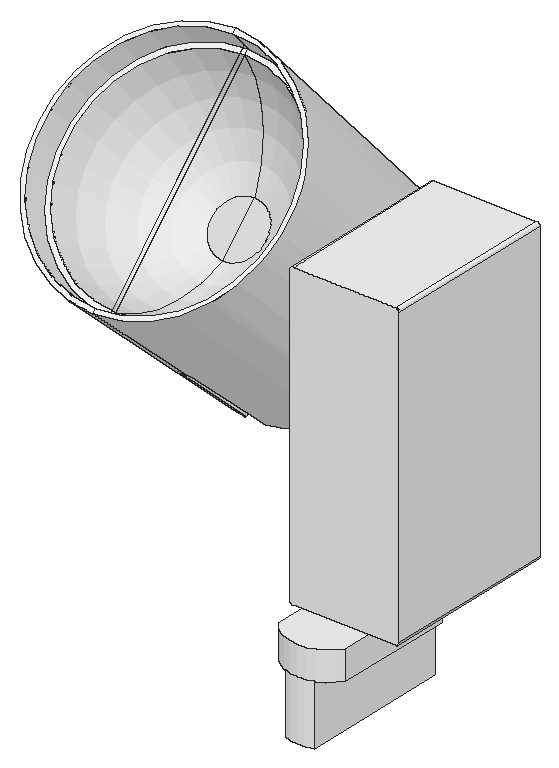
Revit family "0004866 Feilo Sylvania Lighting Fixture START TRACK SPOT L 35W 3K RA90 MB WHITE", category Lighting Fixtures, host Face, Revit 2017 (continued)
Definition of nested family "Start Track Spot Head"
  Types (96, lengths in mm): name | Wattage | built-in parameter 1150134 | Photometric Web File | Model | built-in parameter 1150105 | Lumens | built-in parameter 1150107 | built-in parameter 1150106 | HeadThickness_FEILO | HeadRibOffset_FEILO | HeadRibDepth_FEILO | HeadRibCutWidth_FEILO | HeadRibCutOffset_FEILO | HeadReflectorRadius_FEILO | HeadReflectorOffset_FEILO | HeadLEDRadius_FEILO | HeadHeight_FEILO | HeadDiffusorOffset_FEILO | HeadDiaOut_FEILO | HeadDiaIn_FEILO | HeadAxisFromTop_FEILO | Emit from Circle Diameter | built-in parameter 1150104 | Description | Apparent Load
    0004864 START TRACK SPOT S 24W 3K RA90 WB WHITE | 24 W | (empty or 0) | "0004864.ies" | "START TRACK SPOT S 24W 3K RA90 WB WHITE" | 152.79 (stored number, unit not read) | 1920 lm | 3000 (stored number, unit not read) | 1.5279 (stored number, unit not read) | 1.5 | 4.179 | 55.714 | 7.167 | 50.87 | 50.588 | 55.714 | 9.556 | 117 | 9.435 | 86 | 77.477 | 69.354 | 77.477 | 7.4322 (stored number, unit not read) | "Integrated LED spotlight, Textured White - RAL9016, compact and minimalist design, ideal for retail applications, die-cast aluminium body, passive cooling heatsink. Beam angle: 64°, color temperature: 3000K , total system power: 24W, total fixture output: 1928 lm, LOR: 100%, colour rendering: Ra: 90 typical, LED Chromaticity: 3 step MacAdam ellipse, lifetime: >50000 hours at L70B50, energy class: A++, A+, A, IR/UV free light source without heat radiation, operating voltage: 220-240V / 50-60Hz, drive current: 600mA, electronic driver, non-dimmable, power factor: 0.95, electrical protection: Class II, Global Track 3 Phase adapter suitable for Global trac 3-circuit tracks, ingress protection rating: IP20, suitable for internal environment only, horizontal rotation: 355°, vertical tilt: 90°, dimensions: Ø86x140x200, weight: 0.966kg." | 24 VA
    0004863 START TRACK SPOT S 24W 3K RA90 MB WHITE | 24 W | (empty or 0) | "0004863.ies" | "START TRACK SPOT S 24W 3K RA90 MB WHITE" | 154.7 (stored number, unit not read) | 1944 lm | 3000 (stored number, unit not read) | 1.547 (stored number, unit not read) | 1.5 | 4.179 | 55.714 | 7.167 | 50.87 | 50.588 | 55.714 | 9.556 | 117 | 9.435 | 86 | 77.477 | 69.354 | 77.477 | 7.5251 (stored number, unit not read) | "Integrated LED spotlight, Textured White - RAL9016, compact and minimalist design, ideal for retail applications, die-cast aluminium body, passive cooling heatsink. Beam angle: 36°, color temperature: 3000K , total system power: 24W, total fixture output: 1944 lm, LOR: 100%, colour rendering: Ra: 90 typical, LED Chromaticity: 3 step MacAdam ellipse, lifetime: >50000 hours at L70B50, energy class: A++, A+, A, IR/UV free light source without heat radiation, operating voltage: 220-240V / 50-60Hz, drive current: 600mA, electronic driver, non-dimmable, power factor: 0.95, electrical protection: Class II, Global Track 3 Phase adapter suitable for Global trac 3-circuit tracks, ingress protection rating: IP20, suitable for internal environment only, horizontal rotation: 355°, vertical tilt: 90°, dimensions: Ø86x140x200, weight: 0.966kg." | 24 VA
    0004862 START TRACK SPOT S 24W 3K RA90 NB WHITE | 24 W | (empty or 0) | "0004862.ies" | "START TRACK SPOT S 24W 3K RA90 NB WHITE" | 158.52 (stored number, unit not read) | 1992 lm | 3000 (stored number, unit not read) | 1.5852 (stored number, unit not read) | 1.5 | 4.179 | 55.714 | 7.167 | 50.87 | 50.588 | 55.714 | 9.556 | 117 | 9.435 | 86 | 77.477 | 69.354 | 77.477 | 7.711 (stored number, unit not read) | "Integrated LED spotlight, Textured White - RAL9016, compact and minimalist design, ideal for retail applications, die-cast aluminium body, passive cooling heatsink. Beam angle: 12°, color temperature: 3000K , total system power: 24W, total fixture output: 1987 lm, LOR: 100%, colour rendering: Ra: 90 typical, LED Chromaticity: 3 step MacAdam ellipse, lifetime: >50000 hours at L70B50, energy class: A++, A+, A, IR/UV free light source without heat radiation, operating voltage: 220-240V / 50-60Hz, drive current: 600mA, electronic driver, non-dimmable, power factor: 0.95, electrical protection: Class II, Global Track 3 Phase adapter suitable for Global trac 3-circuit tracks, ingress protection rating: IP20, suitable for internal environment only, horizontal rotation: 355°, vertical tilt: 90°, dimensions: Ø86x140x200, weight: 0.966kg." | 24 VA
    0004861 START TRACK SPOT S 14W 3K RA90 WB WHITE | 14 W | (empty or 0) | "0004861.ies" | "START TRACK SPOT S 14W 3K RA90 WB WHITE" | 100.27 (stored number, unit not read) | 1260 lm | 3000 (stored number, unit not read) | 1.0027 (stored number, unit not read) | 1.5 | 4.179 | 55.714 | 7.167 | 50.87 | 50.588 | 55.714 | 9.556 | 117 | 9.435 | 86 | 77.477 | 69.354 | 77.477 | 8.3613 (stored number, unit not read) | "Integrated LED spotlight, Textured White - RAL9016, compact and minimalist design, ideal for retail applications, die-cast aluminium body, passive cooling heatsink. Beam angle: 64°, color temperature: 3000K , total system power: 14W, total fixture output: 1262 lm, LOR: 100%, colour rendering: Ra: 90 typical, LED Chromaticity: 3 step MacAdam ellipse, lifetime: >50000 hours at L70B50, energy class: A++, A+, A, IR/UV free light source without heat radiation, operating voltage: 220-240V / 50-60Hz, drive current: 350mA, electronic driver, non-dimmable, power factor: 0.92, electrical protection: Class II, Global Track 3 Phase adapter suitable for Global trac 3-circuit tracks, ingress protection rating: IP20, suitable for internal environment only, horizontal rotation: 355°, vertical tilt: 90°, dimensions: Ø86x140x200, weight: 0.940kg." | 14 VA
    0004860 START TRACK SPOT S 14W 3K RA90 MB WHITE | 14 W | (empty or 0) | "0004860.ies" | "START TRACK SPOT S 14W 3K RA90 MB WHITE" | 100.27 (stored number, unit not read) | 1260 lm | 3000 (stored number, unit not read) | 1.0027 (stored number, unit not read) | 1.5 | 4.179 | 55.714 | 7.167 | 50.87 | 50.588 | 55.714 | 9.556 | 117 | 9.435 | 86 | 77.477 | 69.354 | 77.477 | 8.3613 (stored number, unit not read) | "Integrated LED spotlight, Textured White - RAL9016, compact and minimalist design, ideal for retail applications, die-cast aluminium body, passive cooling heatsink. Beam angle: 36°, color temperature: 3000K , total system power: 14W, total fixture output: 1262 lm, LOR: 100%, colour rendering: Ra: 90 typical, LED Chromaticity: 3 step MacAdam ellipse, lifetime: >50000 hours at L70B50, energy class: A++, A+, A, IR/UV free light source without heat radiation, operating voltage: 220-240V / 50-60Hz, drive current: 350mA, electronic driver, non-dimmable, power factor: 0.92, electrical protection: Class II, Global Track 3 Phase adapter suitable for Global trac 3-circuit tracks, ingress protection rating: IP20, suitable for internal environment only, horizontal rotation: 355°, vertical tilt: 90°, dimensions: Ø86x140x200, weight: 0.940kg." | 14 VA
    0004859 START TRACK SPOT S 14W 3K RA90 NB WHITE | 14 W | (empty or 0) | "0004859.ies" | "START TRACK SPOT S 14W 3K RA90 NB WHITE" | 102.5 (stored number, unit not read) | 1288 lm | 3000 (stored number, unit not read) | 1.025 (stored number, unit not read) | 1.5 | 4.179 | 55.714 | 7.167 | 50.87 | 50.588 | 55.714 | 9.556 | 117 | 9.435 | 86 | 77.477 | 69.354 | 77.477 | 8.5471 (stored number, unit not read) | "Integrated LED spotlight, Textured White - RAL9016, compact and minimalist design, ideal for retail applications, die-cast aluminium body, passive cooling heatsink. Beam angle: 12°, color temperature: 3000K , total system power: 14W, total fixture output: 1284 lm, LOR: 100%, colour rendering: Ra: 90 typical, LED Chromaticity: 3 step MacAdam ellipse, lifetime: >50000 hours at L70B50, energy class: A++, A+, A, IR/UV free light source without heat radiation, operating voltage: 220-240V / 50-60Hz, drive current: 350mA, electronic driver, non-dimmable, power factor: 0.92, electrical protection: Class II, Global Track 3 Phase adapter suitable for Global trac 3-circuit tracks, ingress protection rating: IP20, suitable for internal environment only, horizontal rotation: 355°, vertical tilt: 90°, dimensions: Ø86x140x200, weight: 0.940kg." | 14 VA
    0004858 START TRACK SPOT L 55W 4K RA80 WB BLACK | 55 W | 12 | "0004858.ies" | "START TRACK SPOT L 55W 4K RA80 WB BLACK" | 424.55 (stored number, unit not read) | 5335 lm | 4000 (stored number, unit not read) | 4.2455 (stored number, unit not read) | 2 | 4.429 | 59.048 | 9.417 | 53.913 | 66.471 | 59.048 | 12.556 | 124 | 10 | 113 | 101.802 | 73.503 | 101.802 | 9.0116 (stored number, unit not read) | "Integrated LED spotlight, Textured Black - RAL9005, compact and minimalist design, ideal for retail applications, die-cast aluminium body, passive cooling heatsink. Beam angle: 52°, color temperature: 4000K , total system power: 55W, total fixture output: 5320 lm, LOR: 100%, colour rendering: Ra: 80 typical, LED Chromaticity: 3 step MacAdam ellipse, lifetime: >50000 hours at L70B50, energy class: A++, A+, A, IR/UV free light source without heat radiation, operating voltage: 220-240V / 50-60Hz, drive current: 1400mA, electronic driver, non-dimmable, power factor: 0.96, electrical protection: Class II, Global Track 3 Phase adapter suitable for Global trac 3-circuit tracks, ingress protection rating: IP20, suitable for internal environment only, horizontal rotation: 355°, vertical tilt: 90°, dimensions: Ø113x164x240, weight: 1.398kg." | 55 VA
    0004857 START TRACK SPOT L 55W 4K RA80 MB BLACK | 55 W | 12 | "0004857.ies" | "START TRACK SPOT L 55W 4K RA80 MB BLACK" | 428.92 (stored number, unit not read) | 5390 lm | 4000 (stored number, unit not read) | 4.2892 (stored number, unit not read) | 2 | 4.429 | 59.048 | 9.417 | 53.913 | 66.471 | 59.048 | 12.556 | 124 | 10 | 113 | 101.802 | 73.503 | 101.802 | 9.1045 (stored number, unit not read) | "Integrated LED spotlight, Textured Black - RAL9005, compact and minimalist design, ideal for retail applications, die-cast aluminium body, passive cooling heatsink. Beam angle: 38°, color temperature: 4000K , total system power: 55W, total fixture output: 5378 lm, LOR: 100%, colour rendering: Ra: 80 typical, LED Chromaticity: 3 step MacAdam ellipse, lifetime: >50000 hours at L70B50, energy class: A++, A+, A, IR/UV free light source without heat radiation, operating voltage: 220-240V / 50-60Hz, drive current: 1400mA, electronic driver, non-dimmable, power factor: 0.96, electrical protection: Class II, Global Track 3 Phase adapter suitable for Global trac 3-circuit tracks, ingress protection rating: IP20, suitable for internal environment only, horizontal rotation: 355°, vertical tilt: 90°, dimensions: Ø113x164x240, weight: 1.398kg." | 55 VA
    0004856 START TRACK SPOT L 55W 4K RA80 NB BLACK | 55 W | 12 | "0004856.ies" | "START TRACK SPOT L 55W 4K RA80 NB BLACK" | 433.3 (stored number, unit not read) | 5445 lm | 4000 (stored number, unit not read) | 4.333 (stored number, unit not read) | 2 | 4.429 | 59.048 | 9.417 | 53.913 | 66.471 | 59.048 | 12.556 | 124 | 10 | 113 | 101.802 | 73.503 | 101.802 | 9.1974 (stored number, unit not read) | "Integrated LED spotlight, Textured Black - RAL9005, compact and minimalist design, ideal for retail applications, die-cast aluminium body, passive cooling heatsink. Beam angle: 15°, color temperature: 4000K , total system power: 55W, total fixture output: 5426 lm, LOR: 100%, colour rendering: Ra: 80 typical, LED Chromaticity: 3 step MacAdam ellipse, lifetime: >50000 hours at L70B50, energy class: A++, A+, A, IR/UV free light source without heat radiation, operating voltage: 220-240V / 50-60Hz, drive current: 1400mA, electronic driver, non-dimmable, power factor: 0.96, electrical protection: Class II, Global Track 3 Phase adapter suitable for Global trac 3-circuit tracks, ingress protection rating: IP20, suitable for internal environment only, horizontal rotation: 355°, vertical tilt: 90°, dimensions: Ø113x164x240, weight: 1.398kg." | 55 VA
    0004855 START TRACK SPOT L 35W 4K RA80 WB BLACK | 35 W | 12 | "0004855.ies" | "START TRACK SPOT L 35W 4K RA80 WB BLACK" | 320.3 (stored number, unit not read) | 4025 lm | 4000 (stored number, unit not read) | 3.203 (stored number, unit not read) | 2 | 4.429 | 59.048 | 9.417 | 53.913 | 66.471 | 59.048 | 12.556 | 124 | 10 | 113 | 101.802 | 73.503 | 101.802 | 10.684 (stored number, unit not read) | "Integrated LED spotlight, Textured Black - RAL9005, compact and minimalist design, ideal for retail applications, die-cast aluminium body, passive cooling heatsink. Beam angle: 52°, color temperature: 4000K , total system power: 35W, total fixture output: 4010 lm, LOR: 100%, colour rendering: Ra: 80 typical, LED Chromaticity: 3 step MacAdam ellipse, lifetime: >50000 hours at L70B50, energy class: A++, A+, A, IR/UV free light source without heat radiation, operating voltage: 220-240V / 50-60Hz, drive current: 900mA, electronic driver, non-dimmable, power factor: 0.93, electrical protection: Class II, Global Track 3 Phase adapter suitable for Global trac 3-circuit tracks, ingress protection rating: IP20, suitable for internal environment only, horizontal rotation: 355°, vertical tilt: 90°, dimensions: Ø113x164x240, weight: 1.368kg." | 35 VA
    0004854 START TRACK SPOT L 35W 4K RA80 MB BLACK | 35 W | 12 | "0004854.ies" | "START TRACK SPOT L 35W 4K RA80 MB BLACK" | 320.3 (stored number, unit not read) | 4025 lm | 4000 (stored number, unit not read) | 3.203 (stored number, unit not read) | 2 | 4.429 | 59.048 | 9.417 | 53.913 | 66.471 | 59.048 | 12.556 | 124 | 10 | 113 | 101.802 | 73.503 | 101.802 | 10.684 (stored number, unit not read) | "Integrated LED spotlight, Textured Black - RAL9005, compact and minimalist design, ideal for retail applications, die-cast aluminium body, passive cooling heatsink. Beam angle: 38°, color temperature: 4000K , total system power: 35W, total fixture output: 4017 lm, LOR: 100%, colour rendering: Ra: 80 typical, LED Chromaticity: 3 step MacAdam ellipse, lifetime: >50000 hours at L70B50, energy class: A++, A+, A, IR/UV free light source without heat radiation, operating voltage: 220-240V / 50-60Hz, drive current: 900mA, electronic driver, non-dimmable, power factor: 0.93, electrical protection: Class II, Global Track 3 Phase adapter suitable for Global trac 3-circuit tracks, ingress protection rating: IP20, suitable for internal environment only, horizontal rotation: 355°, vertical tilt: 90°, dimensions: Ø113x164x240, weight: 1.368kg." | 35 VA
    0004853 START TRACK SPOT L 35W 4K RA80 NB BLACK | 35 W | 12 | "0004853.ies" | "START TRACK SPOT L 35W 4K RA80 NB BLACK" | 331.44 (stored number, unit not read) | 4165 lm | 4000 (stored number, unit not read) | 3.3144 (stored number, unit not read) | 2 | 4.429 | 59.048 | 9.417 | 53.913 | 66.471 | 59.048 | 12.556 | 124 | 10 | 113 | 101.802 | 73.503 | 101.802 | 11.055 (stored number, unit not read) | "Integrated LED spotlight, Textured Black - RAL9005, compact and minimalist design, ideal for retail applications, die-cast aluminium body, passive cooling heatsink. Beam angle: 15°, color temperature: 4000K , total system power: 35W, total fixture output: 4174 lm, LOR: 100%, colour rendering: Ra: 80 typical, LED Chromaticity: 3 step MacAdam ellipse, lifetime: >50000 hours at L70B50, energy class: A++, A+, A, IR/UV free light source without heat radiation, operating voltage: 220-240V / 50-60Hz, drive current: 900mA, electronic driver, non-dimmable, power factor: 0.93, electrical protection: Class II, Global Track 3 Phase adapter suitable for Global trac 3-circuit tracks, ingress protection rating: IP20, suitable for internal environment only, horizontal rotation: 355°, vertical tilt: 90°, dimensions: Ø113x164x240, weight: 1.368kg." | 35 VA
    0004852 START TRACK SPOT S 24W 4K RA80 WB BLACK | 24 W | 12 | "0004852.ies" | "START TRACK SPOT S 24W 4K RA80 WB BLACK" | 196.72 (stored number, unit not read) | 2472 lm | 4000 (stored number, unit not read) | 1.9672 (stored number, unit not read) | 1.5 | 4.179 | 55.714 | 7.167 | 50.87 | 50.588 | 55.714 | 9.556 | 117 | 9.435 | 86 | 77.477 | 69.354 | 77.477 | 9.569 (stored number, unit not read) | "Integrated LED spotlight, Textured Black - RAL9005, compact and minimalist design, ideal for retail applications, die-cast aluminium body, passive cooling heatsink. Beam angle: 64°, color temperature: 4000K , total system power: 24W, total fixture output: 2476 lm, LOR: 100%, colour rendering: Ra: 80 typical, LED Chromaticity: 3 step MacAdam ellipse, lifetime: >50000 hours at L70B50, energy class: A++, A+, A, IR/UV free light source without heat radiation, operating voltage: 220-240V / 50-60Hz, drive current: 600mA, electronic driver, non-dimmable, power factor: 0.95, electrical protection: Class II, Global Track 3 Phase adapter suitable for Global trac 3-circuit tracks, ingress protection rating: IP20, suitable for internal environment only, horizontal rotation: 355°, vertical tilt: 90°, dimensions: Ø86x140x200, weight: 0.966kg." | 24 VA
    0004851 START TRACK SPOT S 24W 4K RA80 MB BLACK | 24 W | 12 | "0004851.ies" | "START TRACK SPOT S 24W 4K RA80 MB BLACK" | 198.63 (stored number, unit not read) | 2496 lm | 4000 (stored number, unit not read) | 1.9863 (stored number, unit not read) | 1.5 | 4.179 | 55.714 | 7.167 | 50.87 | 50.588 | 55.714 | 9.556 | 117 | 9.435 | 86 | 77.477 | 69.354 | 77.477 | 9.6619 (stored number, unit not read) | "Integrated LED spotlight, Textured Black - RAL9005, compact and minimalist design, ideal for retail applications, die-cast aluminium body, passive cooling heatsink. Beam angle: 36°, color temperature: 4000K , total system power: 24W, total fixture output: 2487 lm, LOR: 100%, colour rendering: Ra: 80 typical, LED Chromaticity: 3 step MacAdam ellipse, lifetime: >50000 hours at L70B50, energy class: A++, A+, A, IR/UV free light source without heat radiation, operating voltage: 220-240V / 50-60Hz, drive current: 600mA, electronic driver, non-dimmable, power factor: 0.95, electrical protection: Class II, Global Track 3 Phase adapter suitable for Global trac 3-circuit tracks, ingress protection rating: IP20, suitable for internal environment only, horizontal rotation: 355°, vertical tilt: 90°, dimensions: Ø86x140x200, weight: 0.966kg." | 24 VA
    0004850 START TRACK SPOT S 24W 4K RA80 NB BLACK | 24 W | 12 | "0004850.ies" | "START TRACK SPOT S 24W 4K RA80 NB BLACK" | 200.54 (stored number, unit not read) | 2520 lm | 4000 (stored number, unit not read) | 2.0054 (stored number, unit not read) | 1.5 | 4.179 | 55.714 | 7.167 | 50.87 | 50.588 | 55.714 | 9.556 | 117 | 9.435 | 86 | 77.477 | 69.354 | 77.477 | 9.7548 (stored number, unit not read) | "Integrated LED spotlight, Textured Black - RAL9005, compact and minimalist design, ideal for retail applications, die-cast aluminium body, passive cooling heatsink. Beam angle: 12°, color temperature: 4000K , total system power: 24W, total fixture output: 2529 lm, LOR: 100%, colour rendering: Ra: 80 typical, LED Chromaticity: 3 step MacAdam ellipse, lifetime: >50000 hours at L70B50, energy class: A++, A+, A, IR/UV free light source without heat radiation, operating voltage: 220-240V / 50-60Hz, drive current: 600mA, electronic driver, non-dimmable, power factor: 0.95, electrical protection: Class II, Global Track 3 Phase adapter suitable for Global trac 3-circuit tracks, ingress protection rating: IP20, suitable for internal environment only, horizontal rotation: 355°, vertical tilt: 90°, dimensions: Ø86x140x200, weight: 0.966kg." | 24 VA
    0004849 START TRACK SPOT S 14W 4K RA80 WB BLACK | 14 W | 12 | "0004849.ies" | "START TRACK SPOT S 14W 4K RA80 WB BLACK" | 123.66 (stored number, unit not read) | 1554 lm | 4000 (stored number, unit not read) | 1.2366 (stored number, unit not read) | 1.5 | 4.179 | 55.714 | 7.167 | 50.87 | 50.588 | 55.714 | 9.556 | 117 | 9.435 | 86 | 77.477 | 69.354 | 77.477 | 10.312 (stored number, unit not read) | "Integrated LED spotlight, Textured Black - RAL9005, compact and minimalist design, ideal for retail applications, die-cast aluminium body, passive cooling heatsink. Beam angle: 64°, color temperature: 4000K , total system power: 14W, total fixture output: 1558 lm, LOR: 100%, colour rendering: Ra: 80 typical, LED Chromaticity: 3 step MacAdam ellipse, lifetime: >50000 hours at L70B50, energy class: A++, A+, A, IR/UV free light source without heat radiation, operating voltage: 220-240V / 50-60Hz, drive current: 350mA, electronic driver, non-dimmable, power factor: 0.92, electrical protection: Class II, Global Track 3 Phase adapter suitable for Global trac 3-circuit tracks, ingress protection rating: IP20, suitable for internal environment only, horizontal rotation: 355°, vertical tilt: 90°, dimensions: Ø86x140x200, weight: 0.940kg." | 14 VA
    0004848 START TRACK SPOT S 14W 4K RA80 MB BLACK | 14 W | 12 | "0004848.ies" | "START TRACK SPOT S 14W 4K RA80 MB BLACK" | 127.01 (stored number, unit not read) | 1596 lm | 4000 (stored number, unit not read) | 1.2701 (stored number, unit not read) | 1.5 | 4.179 | 55.714 | 7.167 | 50.87 | 50.588 | 55.714 | 9.556 | 117 | 9.435 | 86 | 77.477 | 69.354 | 77.477 | 10.591 (stored number, unit not read) | "Integrated LED spotlight, Textured Black - RAL9005, compact and minimalist design, ideal for retail applications, die-cast aluminium body, passive cooling heatsink. Beam angle: 36°, color temperature: 4000K , total system power: 14W, total fixture output: 1598 lm, LOR: 100%, colour rendering: Ra: 80 typical, LED Chromaticity: 3 step MacAdam ellipse, lifetime: >50000 hours at L70B50, energy class: A++, A+, A, IR/UV free light source without heat radiation, operating voltage: 220-240V / 50-60Hz, drive current: 350mA, electronic driver, non-dimmable, power factor: 0.92, electrical protection: Class II, Global Track 3 Phase adapter suitable for Global trac 3-circuit tracks, ingress protection rating: IP20, suitable for internal environment only, horizontal rotation: 355°, vertical tilt: 90°, dimensions: Ø86x140x200, weight: 0.940kg." | 14 VA
    0004847 START TRACK SPOT S 14W 4K RA80 NB BLACK | 14 W | 12 | "0004847.ies" | "START TRACK SPOT S 14W 4K RA80 NB BLACK" | 128.12 (stored number, unit not read) | 1610 lm | 4000 (stored number, unit not read) | 1.2812 (stored number, unit not read) | 1.5 | 4.179 | 55.714 | 7.167 | 50.87 | 50.588 | 55.714 | 9.556 | 117 | 9.435 | 86 | 77.477 | 69.354 | 77.477 | 10.684 (stored number, unit not read) | "Integrated LED spotlight, Textured Black - RAL9005, compact and minimalist design, ideal for retail applications, die-cast aluminium body, passive cooling heatsink. Beam angle: 12°, color temperature: 4000K , total system power: 14W, total fixture output: 1608 lm, LOR: 100%, colour rendering: Ra: 80 typical, LED Chromaticity: 3 step MacAdam ellipse, lifetime: >50000 hours at L70B50, energy class: A++, A+, A, IR/UV free light source without heat radiation, operating voltage: 220-240V / 50-60Hz, drive current: 350mA, electronic driver, non-dimmable, power factor: 0.92, electrical protection: Class II, Global Track 3 Phase adapter suitable for Global trac 3-circuit tracks, ingress protection rating: IP20, suitable for internal environment only, horizontal rotation: 355°, vertical tilt: 90°, dimensions: Ø86x140x200, weight: 0.940kg." | 14 VA
    0004846 START TRACK SPOT L 55W 3K RA80 WB BLACK | 55 W | (empty or 0) | "0004846.ies" | "START TRACK SPOT L 55W 3K RA80 WB BLACK" | 420.17 (stored number, unit not read) | 5280 lm | 3000 (stored number, unit not read) | 4.2017 (stored number, unit not read) | 2 | 4.429 | 59.048 | 9.417 | 53.913 | 66.471 | 59.048 | 12.556 | 124 | 10 | 113 | 101.802 | 73.503 | 101.802 | 8.9187 (stored number, unit not read) | "Integrated LED spotlight, Textured Black - RAL9005, compact and minimalist design, ideal for retail applications, die-cast aluminium body, passive cooling heatsink. Beam angle: 52°, color temperature: 3000K , total system power: 55W, total fixture output: 5298 lm, LOR: 100%, colour rendering: Ra: 80 typical, LED Chromaticity: 3 step MacAdam ellipse, lifetime: >50000 hours at L70B50, energy class: A++, A+, A, IR/UV free light source without heat radiation, operating voltage: 220-240V / 50-60Hz, drive current: 1400mA, electronic driver, non-dimmable, power factor: 0.96, electrical protection: Class II, Global Track 3 Phase adapter suitable for Global trac 3-circuit tracks, ingress protection rating: IP20, suitable for internal environment only, horizontal rotation: 355°, vertical tilt: 90°, dimensions: Ø113x164x240, weight: 1.398kg." | 55 VA
    0004845 START TRACK SPOT L 55W 3K RA80 MB BLACK | 55 W | (empty or 0) | "0004845.ies" | "START TRACK SPOT L 55W 3K RA80 MB BLACK" | 428.92 (stored number, unit not read) | 5390 lm | 3000 (stored number, unit not read) | 4.2892 (stored number, unit not read) | 2 | 4.429 | 59.048 | 9.417 | 53.913 | 66.471 | 59.048 | 12.556 | 124 | 10 | 113 | 101.802 | 73.503 | 101.802 | 9.1045 (stored number, unit not read) | "Integrated LED spotlight, Textured Black - RAL9005, compact and minimalist design, ideal for retail applications, die-cast aluminium body, passive cooling heatsink. Beam angle: 38°, color temperature: 3000K , total system power: 55W, total fixture output: 5381 lm, LOR: 100%, colour rendering: Ra: 80 typical, LED Chromaticity: 3 step MacAdam ellipse, lifetime: >50000 hours at L70B50, energy class: A++, A+, A, IR/UV free light source without heat radiation, operating voltage: 220-240V / 50-60Hz, drive current: 1400mA, electronic driver, non-dimmable, power factor: 0.96, electrical protection: Class II, Global Track 3 Phase adapter suitable for Global trac 3-circuit tracks, ingress protection rating: IP20, suitable for internal environment only, horizontal rotation: 355°, vertical tilt: 90°, dimensions: Ø113x164x240, weight: 1.398kg." | 55 VA
    0004844 START TRACK SPOT L 55W 3K RA80 NB BLACK | 55 W | (empty or 0) | "0004844.ies" | "START TRACK SPOT L 55W 3K RA80 NB BLACK" | 433.3 (stored number, unit not read) | 5445 lm | 3000 (stored number, unit not read) | 4.333 (stored number, unit not read) | 2 | 4.429 | 59.048 | 9.417 | 53.913 | 66.471 | 59.048 | 12.556 | 124 | 10 | 113 | 101.802 | 73.503 | 101.802 | 9.1974 (stored number, unit not read) | "Integrated LED spotlight, Textured Black - RAL9005, compact and minimalist design, ideal for retail applications, die-cast aluminium body, passive cooling heatsink. Beam angle: 15°, color temperature: 3000K , total system power: 55W, total fixture output: 5449 lm, LOR: 100%, colour rendering: Ra: 80 typical, LED Chromaticity: 3 step MacAdam ellipse, lifetime: >50000 hours at L70B50, energy class: A++, A+, A, IR/UV free light source without heat radiation, operating voltage: 220-240V / 50-60Hz, drive current: 1400mA, electronic driver, non-dimmable, power factor: 0.96, electrical protection: Class II, Global Track 3 Phase adapter suitable for Global trac 3-circuit tracks, ingress protection rating: IP20, suitable for internal environment only, horizontal rotation: 355°, vertical tilt: 90°, dimensions: Ø113x164x240, weight: 1.398kg." | 55 VA
    0004843 START TRACK SPOT L 35W 3K RA80 WB BLACK | 35 W | (empty or 0) | "0004843.ies" | "START TRACK SPOT L 35W 3K RA80 WB BLACK" | 314.73 (stored number, unit not read) | 3955 lm | 3000 (stored number, unit not read) | 3.1473 (stored number, unit not read) | 2 | 4.429 | 59.048 | 9.417 | 53.913 | 66.471 | 59.048 | 12.556 | 124 | 10 | 113 | 101.802 | 73.503 | 101.802 | 10.498 (stored number, unit not read) | "Integrated LED spotlight, Textured Black - RAL9005, compact and minimalist design, ideal for retail applications, die-cast aluminium body, passive cooling heatsink. Beam angle: 52°, color temperature: 3000K , total system power: 35W, total fixture output: 3943 lm, LOR: 100%, colour rendering: Ra: 80 typical, LED Chromaticity: 3 step MacAdam ellipse, lifetime: >50000 hours at L70B50, energy class: A++, A+, A, IR/UV free light source without heat radiation, operating voltage: 220-240V / 50-60Hz, drive current: 900mA, electronic driver, non-dimmable, power factor: 0.93, electrical protection: Class II, Global Track 3 Phase adapter suitable for Global trac 3-circuit tracks, ingress protection rating: IP20, suitable for internal environment only, horizontal rotation: 355°, vertical tilt: 90°, dimensions: Ø113x164x240, weight: 1.368kg." | 35 VA
    0004842 START TRACK SPOT L 35W 3K RA80 MB BLACK | 35 W | (empty or 0) | "0004842.ies" | "START TRACK SPOT L 35W 3K RA80 MB BLACK" | 320.3 (stored number, unit not read) | 4025 lm | 3000 (stored number, unit not read) | 3.203 (stored number, unit not read) | 2 | 4.429 | 59.048 | 9.417 | 53.913 | 66.471 | 59.048 | 12.556 | 124 | 10 | 113 | 101.802 | 73.503 | 101.802 | 10.684 (stored number, unit not read) | "Integrated LED spotlight, Textured Black - RAL9005, compact and minimalist design, ideal for retail applications, die-cast aluminium body, passive cooling heatsink. Beam angle: 38°, color temperature: 3000K , total system power: 35W, total fixture output: 4008 lm, LOR: 100%, colour rendering: Ra: 80 typical, LED Chromaticity: 3 step MacAdam ellipse, lifetime: >50000 hours at L70B50, energy class: A++, A+, A, IR/UV free light source without heat radiation, operating voltage: 220-240V / 50-60Hz, drive current: 900mA, electronic driver, non-dimmable, power factor: 0.93, electrical protection: Class II, Global Track 3 Phase adapter suitable for Global trac 3-circuit tracks, ingress protection rating: IP20, suitable for internal environment only, horizontal rotation: 355°, vertical tilt: 90°, dimensions: Ø113x164x240, weight: 1.368kg." | 35 VA
    0004841 START TRACK SPOT L 35W 3K RA80 NB BLACK | 35 W | (empty or 0) | "0004841.ies" | "START TRACK SPOT L 35W 3K RA80 NB BLACK" | 317.51 (stored number, unit not read) | 3990 lm | 3000 (stored number, unit not read) | 3.1751 (stored number, unit not read) | 2 | 4.429 | 59.048 | 9.417 | 53.913 | 66.471 | 59.048 | 12.556 | 124 | 10 | 113 | 101.802 | 73.503 | 101.802 | 10.591 (stored number, unit not read) | "Integrated LED spotlight, Textured Black - RAL9005, compact and minimalist design, ideal for retail applications, die-cast aluminium body, passive cooling heatsink. Beam angle: 15°, color temperature: 3000K , total system power: 35W, total fixture output: 4005 lm, LOR: 100%, colour rendering: Ra: 80 typical, LED Chromaticity: 3 step MacAdam ellipse, lifetime: >50000 hours at L70B50, energy class: A++, A+, A, IR/UV free light source without heat radiation, operating voltage: 220-240V / 50-60Hz, drive current: 900mA, electronic driver, non-dimmable, power factor: 0.93, electrical protection: Class II, Global Track 3 Phase adapter suitable for Global trac 3-circuit tracks, ingress protection rating: IP20, suitable for internal environment only, horizontal rotation: 355°, vertical tilt: 90°, dimensions: Ø113x164x240, weight: 1.368kg." | 35 VA
    0004840 START TRACK SPOT S 24W 3K RA80 WB BLACK | 24 W | (empty or 0) | "0004840.ies" | "START TRACK SPOT S 24W 3K RA80 WB BLACK" | 185.26 (stored number, unit not read) | 2328 lm | 3000 (stored number, unit not read) | 1.8526 (stored number, unit not read) | 1.5 | 4.179 | 55.714 | 7.167 | 50.87 | 50.588 | 55.714 | 9.556 | 117 | 9.435 | 86 | 77.477 | 69.354 | 77.477 | 9.0116 (stored number, unit not read) | "Integrated LED spotlight, Textured Black - RAL9005, compact and minimalist design, ideal for retail applications, die-cast aluminium body, passive cooling heatsink. Beam angle: 64°, color temperature: 3000K , total system power: 24W, total fixture output: 2318 lm, LOR: 100%, colour rendering: Ra: 80 typical, LED Chromaticity: 3 step MacAdam ellipse, lifetime: >50000 hours at L70B50, energy class: A++, A+, A, IR/UV free light source without heat radiation, operating voltage: 220-240V / 50-60Hz, drive current: 600mA, electronic driver, non-dimmable, power factor: 0.95, electrical protection: Class II, Global Track 3 Phase adapter suitable for Global trac 3-circuit tracks, ingress protection rating: IP20, suitable for internal environment only, horizontal rotation: 355°, vertical tilt: 90°, dimensions: Ø86x140x200, weight: 0.966kg." | 24 VA
    0004839 START TRACK SPOT S 24W 3K RA80 MB BLACK | 24 W | (empty or 0) | "0004839.ies" | "START TRACK SPOT S 24W 3K RA80 MB BLACK" | 183.35 (stored number, unit not read) | 2304 lm | 3000 (stored number, unit not read) | 1.8335 (stored number, unit not read) | 1.5 | 4.179 | 55.714 | 7.167 | 50.87 | 50.588 | 55.714 | 9.556 | 117 | 9.435 | 86 | 77.477 | 69.354 | 77.477 | 8.9187 (stored number, unit not read) | "Integrated LED spotlight, Textured Black - RAL9005, compact and minimalist design, ideal for retail applications, die-cast aluminium body, passive cooling heatsink. Beam angle: 36°, color temperature: 3000K , total system power: 24W, total fixture output: 2314 lm, LOR: 100%, colour rendering: Ra: 80 typical, LED Chromaticity: 3 step MacAdam ellipse, lifetime: >50000 hours at L70B50, energy class: A++, A+, A, IR/UV free light source without heat radiation, operating voltage: 220-240V / 50-60Hz, drive current: 600mA, electronic driver, non-dimmable, power factor: 0.95, electrical protection: Class II, Global Track 3 Phase adapter suitable for Global trac 3-circuit tracks, ingress protection rating: IP20, suitable for internal environment only, horizontal rotation: 355°, vertical tilt: 90°, dimensions: Ø86x140x200, weight: 0.966kg." | 24 VA
    0004838 START TRACK SPOT S 24W 3K RA80 NB BLACK | 24 W | (empty or 0) | "0004838.ies" | "START TRACK SPOT S 24W 3K RA80 NB BLACK" | 185.26 (stored number, unit not read) | 2328 lm | 3000 (stored number, unit not read) | 1.8526 (stored number, unit not read) | 1.5 | 4.179 | 55.714 | 7.167 | 50.87 | 50.588 | 55.714 | 9.556 | 117 | 9.435 | 86 | 77.477 | 69.354 | 77.477 | 9.0116 (stored number, unit not read) | "Integrated LED spotlight, Textured Black - RAL9005, compact and minimalist design, ideal for retail applications, die-cast aluminium body, passive cooling heatsink. Beam angle: 12°, color temperature: 3000K , total system power: 24W, total fixture output: 2334 lm, LOR: 100%, colour rendering: Ra: 80 typical, LED Chromaticity: 3 step MacAdam ellipse, lifetime: >50000 hours at L70B50, energy class: A++, A+, A, IR/UV free light source without heat radiation, operating voltage: 220-240V / 50-60Hz, drive current: 600mA, electronic driver, non-dimmable, power factor: 0.95, electrical protection: Class II, Global Track 3 Phase adapter suitable for Global trac 3-circuit tracks, ingress protection rating: IP20, suitable for internal environment only, horizontal rotation: 355°, vertical tilt: 90°, dimensions: Ø86x140x200, weight: 0.966kg." | 24 VA
    0004837 START TRACK SPOT S 14W 3K RA80 WB BLACK | 14 W | (empty or 0) | "0004837.ies" | "START TRACK SPOT S 14W 3K RA80 WB BLACK" | 119.21 (stored number, unit not read) | 1498 lm | 3000 (stored number, unit not read) | 1.1921 (stored number, unit not read) | 1.5 | 4.179 | 55.714 | 7.167 | 50.87 | 50.588 | 55.714 | 9.556 | 117 | 9.435 | 86 | 77.477 | 69.354 | 77.477 | 9.9406 (stored number, unit not read) | "Integrated LED spotlight, Textured Black - RAL9005, compact and minimalist design, ideal for retail applications, die-cast aluminium body, passive cooling heatsink. Beam angle: 64°, color temperature: 3000K , total system power: 14W, total fixture output: 1498 lm, LOR: 100%, colour rendering: Ra: 80 typical, LED Chromaticity: 3 step MacAdam ellipse, lifetime: >50000 hours at L70B50, energy class: A++, A+, A, IR/UV free light source without heat radiation, operating voltage: 220-240V / 50-60Hz, drive current: 350mA, electronic driver, non-dimmable, power factor: 0.92, electrical protection: Class II, Global Track 3 Phase adapter suitable for Global trac 3-circuit tracks, ingress protection rating: IP20, suitable for internal environment only, horizontal rotation: 355°, vertical tilt: 90°, dimensions: Ø86x140x200, weight: 0.940kg." | 14 VA
    0004836 START TRACK SPOT S 14W 3K RA80 MB BLACK | 14 W | (empty or 0) | "0004836.ies" | "START TRACK SPOT S 14W 3K RA80 MB BLACK" | 120.32 (stored number, unit not read) | 1512 lm | 3000 (stored number, unit not read) | 1.2032 (stored number, unit not read) | 1.5 | 4.179 | 55.714 | 7.167 | 50.87 | 50.588 | 55.714 | 9.556 | 117 | 9.435 | 86 | 77.477 | 69.354 | 77.477 | 10.034 (stored number, unit not read) | "Integrated LED spotlight, Textured Black - RAL9005, compact and minimalist design, ideal for retail applications, die-cast aluminium body, passive cooling heatsink. Beam angle: 36°, color temperature: 3000K , total system power: 14W, total fixture output: 1508 lm, LOR: 100%, colour rendering: Ra: 80 typical, LED Chromaticity: 3 step MacAdam ellipse, lifetime: >50000 hours at L70B50, energy class: A++, A+, A, IR/UV free light source without heat radiation, operating voltage: 220-240V / 50-60Hz, drive current: 350mA, electronic driver, non-dimmable, power factor: 0.92, electrical protection: Class II, Global Track 3 Phase adapter suitable for Global trac 3-circuit tracks, ingress protection rating: IP20, suitable for internal environment only, horizontal rotation: 355°, vertical tilt: 90°, dimensions: Ø86x140x200, weight: 0.940kg." | 14 VA
    0004835 START TRACK SPOT S 14W 3K RA80 NB BLACK | 14 W | (empty or 0) | "0004835.ies" | "START TRACK SPOT S 14W 3K RA80 NB BLACK" | 123.66 (stored number, unit not read) | 1554 lm | 3000 (stored number, unit not read) | 1.2366 (stored number, unit not read) | 1.5 | 4.179 | 55.714 | 7.167 | 50.87 | 50.588 | 55.714 | 9.556 | 117 | 9.435 | 86 | 77.477 | 69.354 | 77.477 | 10.312 (stored number, unit not read) | "Integrated LED spotlight, Textured Black - RAL9005, compact and minimalist design, ideal for retail applications, die-cast aluminium body, passive cooling heatsink. Beam angle: 12°, color temperature: 3000K , total system power: 14W, total fixture output: 1551 lm, LOR: 100%, colour rendering: Ra: 80 typical, LED Chromaticity: 3 step MacAdam ellipse, lifetime: >50000 hours at L70B50, energy class: A++, A+, A, IR/UV free light source without heat radiation, operating voltage: 220-240V / 50-60Hz, drive current: 350mA, electronic driver, non-dimmable, power factor: 0.92, electrical protection: Class II, Global Track 3 Phase adapter suitable for Global trac 3-circuit tracks, ingress protection rating: IP20, suitable for internal environment only, horizontal rotation: 355°, vertical tilt: 90°, dimensions: Ø86x140x200, weight: 0.940kg." | 14 VA
    0004834 START TRACK SPOT L 55W 4K RA80 WB WHITE | 55 W | 12 | "0004834.ies" | "START TRACK SPOT L 55W 4K RA80 WB WHITE" | 424.55 (stored number, unit not read) | 5335 lm | 4000 (stored number, unit not read) | 4.2455 (stored number, unit not read) | 2 | 4.429 | 59.048 | 9.417 | 53.913 | 66.471 | 59.048 | 12.556 | 124 | 10 | 113 | 101.802 | 73.503 | 101.802 | 9.0116 (stored number, unit not read) | "Integrated LED spotlight, Textured White - RAL9016, compact and minimalist design, ideal for retail applications, die-cast aluminium body, passive cooling heatsink. Beam angle: 52°, color temperature: 4000K , total system power: 55W, total fixture output: 5320 lm, LOR: 100%, colour rendering: Ra: 80 typical, LED Chromaticity: 3 step MacAdam ellipse, lifetime: >50000 hours at L70B50, energy class: A++, A+, A, IR/UV free light source without heat radiation, operating voltage: 220-240V / 50-60Hz, drive current: 1400mA, electronic driver, non-dimmable, power factor: 0.96, electrical protection: Class II, Global Track 3 Phase adapter suitable for Global trac 3-circuit tracks, ingress protection rating: IP20, suitable for internal environment only, horizontal rotation: 355°, vertical tilt: 90°, dimensions: Ø113x164x240, weight: 1.398kg." | 55 VA
    0004833 START TRACK SPOT L 55W 4K RA80 MB WHITE | 55 W | 12 | "0004833.ies" | "START TRACK SPOT L 55W 4K RA80 MB WHITE" | 428.92 (stored number, unit not read) | 5390 lm | 4000 (stored number, unit not read) | 4.2892 (stored number, unit not read) | 2 | 4.429 | 59.048 | 9.417 | 53.913 | 66.471 | 59.048 | 12.556 | 124 | 10 | 113 | 101.802 | 73.503 | 101.802 | 9.1045 (stored number, unit not read) | "Integrated LED spotlight, Textured White - RAL9016, compact and minimalist design, ideal for retail applications, die-cast aluminium body, passive cooling heatsink. Beam angle: 38°, color temperature: 4000K , total system power: 55W, total fixture output: 5378 lm, LOR: 100%, colour rendering: Ra: 80 typical, LED Chromaticity: 3 step MacAdam ellipse, lifetime: >50000 hours at L70B50, energy class: A++, A+, A, IR/UV free light source without heat radiation, operating voltage: 220-240V / 50-60Hz, drive current: 1400mA, electronic driver, non-dimmable, power factor: 0.96, electrical protection: Class II, Global Track 3 Phase adapter suitable for Global trac 3-circuit tracks, ingress protection rating: IP20, suitable for internal environment only, horizontal rotation: 355°, vertical tilt: 90°, dimensions: Ø113x164x240, weight: 1.398kg." | 55 VA
    0004832 START TRACK SPOT L 55W 4K RA80 NB WHITE | 55 W | 12 | "0004832.ies" | "START TRACK SPOT L 55W 4K RA80 NB WHITE" | 433.3 (stored number, unit not read) | 5445 lm | 4000 (stored number, unit not read) | 4.333 (stored number, unit not read) | 2 | 4.429 | 59.048 | 9.417 | 53.913 | 66.471 | 59.048 | 12.556 | 124 | 10 | 113 | 101.802 | 73.503 | 101.802 | 9.1974 (stored number, unit not read) | "Integrated LED spotlight, Textured White - RAL9016, compact and minimalist design, ideal for retail applications, die-cast aluminium body, passive cooling heatsink. Beam angle: 15°, color temperature: 4000K , total system power: 55W, total fixture output: 5426 lm, LOR: 100%, colour rendering: Ra: 80 typical, LED Chromaticity: 3 step MacAdam ellipse, lifetime: >50000 hours at L70B50, energy class: A++, A+, A, IR/UV free light source without heat radiation, operating voltage: 220-240V / 50-60Hz, drive current: 1400mA, electronic driver, non-dimmable, power factor: 0.96, electrical protection: Class II, Global Track 3 Phase adapter suitable for Global trac 3-circuit tracks, ingress protection rating: IP20, suitable for internal environment only, horizontal rotation: 355°, vertical tilt: 90°, dimensions: Ø113x164x240, weight: 1.398kg." | 55 VA
    0004831 START TRACK SPOT L 35W 4K RA80 WB WHITE | 35 W | 12 | "0004831.ies" | "START TRACK SPOT L 35W 4K RA80 WB WHITE" | 320.3 (stored number, unit not read) | 4025 lm | 4000 (stored number, unit not read) | 3.203 (stored number, unit not read) | 2 | 4.429 | 59.048 | 9.417 | 53.913 | 66.471 | 59.048 | 12.556 | 124 | 10 | 113 | 101.802 | 73.503 | 101.802 | 10.684 (stored number, unit not read) | "Integrated LED spotlight, Textured White - RAL9016, compact and minimalist design, ideal for retail applications, die-cast aluminium body, passive cooling heatsink. Beam angle: 52°, color temperature: 4000K , total system power: 35W, total fixture output: 4010 lm, LOR: 100%, colour rendering: Ra: 80 typical, LED Chromaticity: 3 step MacAdam ellipse, lifetime: >50000 hours at L70B50, energy class: A++, A+, A, IR/UV free light source without heat radiation, operating voltage: 220-240V / 50-60Hz, drive current: 900mA, electronic driver, non-dimmable, power factor: 0.93, electrical protection: Class II, Global Track 3 Phase adapter suitable for Global trac 3-circuit tracks, ingress protection rating: IP20, suitable for internal environment only, horizontal rotation: 355°, vertical tilt: 90°, dimensions: Ø113x164x240, weight: 1.368kg." | 35 VA
    0004830 START TRACK SPOT L 35W 4K RA80 MB WHITE | 35 W | 12 | "0004830.ies" | "START TRACK SPOT L 35W 4K RA80 MB WHITE" | 320.3 (stored number, unit not read) | 4025 lm | 4000 (stored number, unit not read) | 3.203 (stored number, unit not read) | 2 | 4.429 | 59.048 | 9.417 | 53.913 | 66.471 | 59.048 | 12.556 | 124 | 10 | 113 | 101.802 | 73.503 | 101.802 | 10.684 (stored number, unit not read) | "Integrated LED spotlight, Textured White - RAL9016, compact and minimalist design, ideal for retail applications, die-cast aluminium body, passive cooling heatsink. Beam angle: 38°, color temperature: 4000K , total system power: 35W, total fixture output: 4017 lm, LOR: 100%, colour rendering: Ra: 80 typical, LED Chromaticity: 3 step MacAdam ellipse, lifetime: >50000 hours at L70B50, energy class: A++, A+, A, IR/UV free light source without heat radiation, operating voltage: 220-240V / 50-60Hz, drive current: 900mA, electronic driver, non-dimmable, power factor: 0.93, electrical protection: Class II, Global Track 3 Phase adapter suitable for Global trac 3-circuit tracks, ingress protection rating: IP20, suitable for internal environment only, horizontal rotation: 355°, vertical tilt: 90°, dimensions: Ø113x164x240, weight: 1.368kg." | 35 VA
    0004829 START TRACK SPOT L 35W 4K RA80 NB WHITE | 35 W | 12 | "0004829.ies" | "START TRACK SPOT L 35W 4K RA80 NB WHITE" | 331.44 (stored number, unit not read) | 4165 lm | 4000 (stored number, unit not read) | 3.3144 (stored number, unit not read) | 2 | 4.429 | 59.048 | 9.417 | 53.913 | 66.471 | 59.048 | 12.556 | 124 | 10 | 113 | 101.802 | 73.503 | 101.802 | 11.055 (stored number, unit not read) | "Integrated LED spotlight, Textured White - RAL9016, compact and minimalist design, ideal for retail applications, die-cast aluminium body, passive cooling heatsink. Beam angle: 15°, color temperature: 4000K , total system power: 35W, total fixture output: 4174 lm, LOR: 100%, colour rendering: Ra: 80 typical, LED Chromaticity: 3 step MacAdam ellipse, lifetime: >50000 hours at L70B50, energy class: A++, A+, A, IR/UV free light source without heat radiation, operating voltage: 220-240V / 50-60Hz, drive current: 900mA, electronic driver, non-dimmable, power factor: 0.93, electrical protection: Class II, Global Track 3 Phase adapter suitable for Global trac 3-circuit tracks, ingress protection rating: IP20, suitable for internal environment only, horizontal rotation: 355°, vertical tilt: 90°, dimensions: Ø113x164x240, weight: 1.368kg." | 35 VA
    0004828 START TRACK SPOT S 24W 4K RA80 WB WHITE | 24 W | 12 | "0004828.ies" | "START TRACK SPOT S 24W 4K RA80 WB WHITE" | 196.72 (stored number, unit not read) | 2472 lm | 4000 (stored number, unit not read) | 1.9672 (stored number, unit not read) | 1.5 | 4.179 | 55.714 | 7.167 | 50.87 | 50.588 | 55.714 | 9.556 | 117 | 9.435 | 86 | 77.477 | 69.354 | 77.477 | 9.569 (stored number, unit not read) | "Integrated LED spotlight, Textured White - RAL9016, compact and minimalist design, ideal for retail applications, die-cast aluminium body, passive cooling heatsink. Beam angle: 64°, color temperature: 4000K , total system power: 24W, total fixture output: 2476 lm, LOR: 100%, colour rendering: Ra: 80 typical, LED Chromaticity: 3 step MacAdam ellipse, lifetime: >50000 hours at L70B50, energy class: A++, A+, A, IR/UV free light source without heat radiation, operating voltage: 220-240V / 50-60Hz, drive current: 600mA, electronic driver, non-dimmable, power factor: 0.95, electrical protection: Class II, Global Track 3 Phase adapter suitable for Global trac 3-circuit tracks, ingress protection rating: IP20, suitable for internal environment only, horizontal rotation: 355°, vertical tilt: 90°, dimensions: Ø86x140x200, weight: 0.966kg." | 24 VA
    0004827 START TRACK SPOT S 24W 4K RA80 MB WHITE | 24 W | 12 | "0004827.ies" | "START TRACK SPOT S 24W 4K RA80 MB WHITE" | 198.63 (stored number, unit not read) | 2496 lm | 4000 (stored number, unit not read) | 1.9863 (stored number, unit not read) | 1.5 | 4.179 | 55.714 | 7.167 | 50.87 | 50.588 | 55.714 | 9.556 | 117 | 9.435 | 86 | 77.477 | 69.354 | 77.477 | 9.6619 (stored number, unit not read) | "Integrated LED spotlight, Textured White - RAL9016, compact and minimalist design, ideal for retail applications, die-cast aluminium body, passive cooling heatsink. Beam angle: 36°, color temperature: 4000K , total system power: 24W, total fixture output: 2487 lm, LOR: 100%, colour rendering: Ra: 80 typical, LED Chromaticity: 3 step MacAdam ellipse, lifetime: >50000 hours at L70B50, energy class: A++, A+, A, IR/UV free light source without heat radiation, operating voltage: 220-240V / 50-60Hz, drive current: 600mA, electronic driver, non-dimmable, power factor: 0.95, electrical protection: Class II, Global Track 3 Phase adapter suitable for Global trac 3-circuit tracks, ingress protection rating: IP20, suitable for internal environment only, horizontal rotation: 355°, vertical tilt: 90°, dimensions: Ø86x140x200, weight: 0.966kg." | 24 VA
    0004826 START TRACK SPOT S 24W 4K RA80 NB WHITE | 24 W | 12 | "0004826.ies" | "START TRACK SPOT S 24W 4K RA80 NB WHITE" | 200.54 (stored number, unit not read) | 2520 lm | 4000 (stored number, unit not read) | 2.0054 (stored number, unit not read) | 1.5 | 4.179 | 55.714 | 7.167 | 50.87 | 50.588 | 55.714 | 9.556 | 117 | 9.435 | 86 | 77.477 | 69.354 | 77.477 | 9.7548 (stored number, unit not read) | "Integrated LED spotlight, Textured White - RAL9016, compact and minimalist design, ideal for retail applications, die-cast aluminium body, passive cooling heatsink. Beam angle: 12°, color temperature: 4000K , total system power: 24W, total fixture output: 2529 lm, LOR: 100%, colour rendering: Ra: 80 typical, LED Chromaticity: 3 step MacAdam ellipse, lifetime: >50000 hours at L70B50, energy class: A++, A+, A, IR/UV free light source without heat radiation, operating voltage: 220-240V / 50-60Hz, drive current: 600mA, electronic driver, non-dimmable, power factor: 0.95, electrical protection: Class II, Global Track 3 Phase adapter suitable for Global trac 3-circuit tracks, ingress protection rating: IP20, suitable for internal environment only, horizontal rotation: 355°, vertical tilt: 90°, dimensions: Ø86x140x200, weight: 0.966kg." | 24 VA
    0004825 START TRACK SPOT S 14W 4K RA80 WB WHITE | 14 W | 12 | "0004825.ies" | "START TRACK SPOT S 14W 4K RA80 WB WHITE" | 123.66 (stored number, unit not read) | 1554 lm | 4000 (stored number, unit not read) | 1.2366 (stored number, unit not read) | 1.5 | 4.179 | 55.714 | 7.167 | 50.87 | 50.588 | 55.714 | 9.556 | 117 | 9.435 | 86 | 77.477 | 69.354 | 77.477 | 10.312 (stored number, unit not read) | "Integrated LED spotlight, Textured White - RAL9016, compact and minimalist design, ideal for retail applications, die-cast aluminium body, passive cooling heatsink. Beam angle: 64°, color temperature: 4000K , total system power: 14W, total fixture output: 1558 lm, LOR: 100%, colour rendering: Ra: 80 typical, LED Chromaticity: 3 step MacAdam ellipse, lifetime: >50000 hours at L70B50, energy class: A++, A+, A, IR/UV free light source without heat radiation, operating voltage: 220-240V / 50-60Hz, drive current: 350mA, electronic driver, non-dimmable, power factor: 0.92, electrical protection: Class II, Global Track 3 Phase adapter suitable for Global trac 3-circuit tracks, ingress protection rating: IP20, suitable for internal environment only, horizontal rotation: 355°, vertical tilt: 90°, dimensions: Ø86x140x200, weight: 0.940kg." | 14 VA
    0004824 START TRACK SPOT S 14W 4K RA80 MB WHITE | 14 W | 12 | "0004824.ies" | "START TRACK SPOT S 14W 4K RA80 MB WHITE" | 127.01 (stored number, unit not read) | 1596 lm | 4000 (stored number, unit not read) | 1.2701 (stored number, unit not read) | 1.5 | 4.179 | 55.714 | 7.167 | 50.87 | 50.588 | 55.714 | 9.556 | 117 | 9.435 | 86 | 77.477 | 69.354 | 77.477 | 10.591 (stored number, unit not read) | "Integrated LED spotlight, Textured White - RAL9016, compact and minimalist design, ideal for retail applications, die-cast aluminium body, passive cooling heatsink. Beam angle: 36°, color temperature: 4000K , total system power: 14W, total fixture output: 1598 lm, LOR: 100%, colour rendering: Ra: 80 typical, LED Chromaticity: 3 step MacAdam ellipse, lifetime: >50000 hours at L70B50, energy class: A++, A+, A, IR/UV free light source without heat radiation, operating voltage: 220-240V / 50-60Hz, drive current: 350mA, electronic driver, non-dimmable, power factor: 0.92, electrical protection: Class II, Global Track 3 Phase adapter suitable for Global trac 3-circuit tracks, ingress protection rating: IP20, suitable for internal environment only, horizontal rotation: 355°, vertical tilt: 90°, dimensions: Ø86x140x200, weight: 0.940kg." | 14 VA
    0004823 START TRACK SPOT S 14W 4K RA80 NB WHITE | 14 W | 12 | "0004823.ies" | "START TRACK SPOT S 14W 4K RA80 NB WHITE" | 128.12 (stored number, unit not read) | 1610 lm | 4000 (stored number, unit not read) | 1.2812 (stored number, unit not read) | 1.5 | 4.179 | 55.714 | 7.167 | 50.87 | 50.588 | 55.714 | 9.556 | 117 | 9.435 | 86 | 77.477 | 69.354 | 77.477 | 10.684 (stored number, unit not read) | "Integrated LED spotlight, Textured White - RAL9016, compact and minimalist design, ideal for retail applications, die-cast aluminium body, passive cooling heatsink. Beam angle: 12°, color temperature: 4000K , total system power: 14W, total fixture output: 1608 lm, LOR: 100%, colour rendering: Ra: 80 typical, LED Chromaticity: 3 step MacAdam ellipse, lifetime: >50000 hours at L70B50, energy class: A++, A+, A, IR/UV free light source without heat radiation, operating voltage: 220-240V / 50-60Hz, drive current: 350mA, electronic driver, non-dimmable, power factor: 0.92, electrical protection: Class II, Global Track 3 Phase adapter suitable for Global trac 3-circuit tracks, ingress protection rating: IP20, suitable for internal environment only, horizontal rotation: 355°, vertical tilt: 90°, dimensions: Ø86x140x200, weight: 0.940kg." | 14 VA
    0004822 START TRACK SPOT L 55W 3K RA80 WB WHITE | 55 W | (empty or 0) | "0004822.ies" | "START TRACK SPOT L 55W 3K RA80 WB WHITE" | 420.17 (stored number, unit not read) | 5280 lm | 3000 (stored number, unit not read) | 4.2017 (stored number, unit not read) | 2 | 4.429 | 59.048 | 9.417 | 53.913 | 66.471 | 59.048 | 12.556 | 124 | 10 | 113 | 101.802 | 73.503 | 101.802 | 8.9187 (stored number, unit not read) | "Integrated LED spotlight, Textured White - RAL9016, compact and minimalist design, ideal for retail applications, die-cast aluminium body, passive cooling heatsink. Beam angle: 52°, color temperature: 3000K , total system power: 55W, total fixture output: 5298 lm, LOR: 100%, colour rendering: Ra: 80 typical, LED Chromaticity: 3 step MacAdam ellipse, lifetime: >50000 hours at L70B50, energy class: A++, A+, A, IR/UV free light source without heat radiation, operating voltage: 220-240V / 50-60Hz, drive current: 1400mA, electronic driver, non-dimmable, power factor: 0.96, electrical protection: Class II, Global Track 3 Phase adapter suitable for Global trac 3-circuit tracks, ingress protection rating: IP20, suitable for internal environment only, horizontal rotation: 355°, vertical tilt: 90°, dimensions: Ø113x164x240, weight: 1.398kg." | 55 VA
    0004821 START TRACK SPOT L 55W 3K RA80 MB WHITE | 55 W | (empty or 0) | "0004821.ies" | "START TRACK SPOT L 55W 3K RA80 MB WHITE" | 428.92 (stored number, unit not read) | 5390 lm | 3000 (stored number, unit not read) | 4.2892 (stored number, unit not read) | 2 | 4.429 | 59.048 | 9.417 | 53.913 | 66.471 | 59.048 | 12.556 | 124 | 10 | 113 | 101.802 | 73.503 | 101.802 | 9.1045 (stored number, unit not read) | "Integrated LED spotlight, Textured White - RAL9016, compact and minimalist design, ideal for retail applications, die-cast aluminium body, passive cooling heatsink. Beam angle: 38°, color temperature: 3000K , total system power: 55W, total fixture output: 5381 lm, LOR: 100%, colour rendering: Ra: 80 typical, LED Chromaticity: 3 step MacAdam ellipse, lifetime: >50000 hours at L70B50, energy class: A++, A+, A, IR/UV free light source without heat radiation, operating voltage: 220-240V / 50-60Hz, drive current: 1400mA, electronic driver, non-dimmable, power factor: 0.96, electrical protection: Class II, Global Track 3 Phase adapter suitable for Global trac 3-circuit tracks, ingress protection rating: IP20, suitable for internal environment only, horizontal rotation: 355°, vertical tilt: 90°, dimensions: Ø113x164x240, weight: 1.398kg." | 55 VA
    0004820 START TRACK SPOT L 55W 3K RA80 NB WHITE | 55 W | (empty or 0) | "0004820.ies" | "START TRACK SPOT L 55W 3K RA80 NB WHITE" | 433.3 (stored number, unit not read) | 5445 lm | 3000 (stored number, unit not read) | 4.333 (stored number, unit not read) | 2 | 4.429 | 59.048 | 9.417 | 53.913 | 66.471 | 59.048 | 12.556 | 124 | 10 | 113 | 101.802 | 73.503 | 101.802 | 9.1974 (stored number, unit not read) | "Integrated LED spotlight, Textured White - RAL9016, compact and minimalist design, ideal for retail applications, die-cast aluminium body, passive cooling heatsink. Beam angle: 15°, color temperature: 3000K , total system power: 55W, total fixture output: 5449 lm, LOR: 100%, colour rendering: Ra: 80 typical, LED Chromaticity: 3 step MacAdam ellipse, lifetime: >50000 hours at L70B50, energy class: A++, A+, A, IR/UV free light source without heat radiation, operating voltage: 220-240V / 50-60Hz, drive current: 1400mA, electronic driver, non-dimmable, power factor: 0.96, electrical protection: Class II, Global Track 3 Phase adapter suitable for Global trac 3-circuit tracks, ingress protection rating: IP20, suitable for internal environment only, horizontal rotation: 355°, vertical tilt: 90°, dimensions: Ø113x164x240, weight: 1.398kg." | 55 VA
    0004819 START TRACK SPOT L 35W 3K RA80 WB WHITE | 35 W | (empty or 0) | "0004819.ies" | "START TRACK SPOT L 35W 3K RA80 WB WHITE" | 314.73 (stored number, unit not read) | 3955 lm | 3000 (stored number, unit not read) | 3.1473 (stored number, unit not read) | 2 | 4.429 | 59.048 | 9.417 | 53.913 | 66.471 | 59.048 | 12.556 | 124 | 10 | 113 | 101.802 | 73.503 | 101.802 | 10.498 (stored number, unit not read) | "Integrated LED spotlight, Textured White - RAL9016, compact and minimalist design, ideal for retail applications, die-cast aluminium body, passive cooling heatsink. Beam angle: 52°, color temperature: 3000K , total system power: 35W, total fixture output: 3943 lm, LOR: 100%, colour rendering: Ra: 80 typical, LED Chromaticity: 3 step MacAdam ellipse, lifetime: >50000 hours at L70B50, energy class: A++, A+, A, IR/UV free light source without heat radiation, operating voltage: 220-240V / 50-60Hz, drive current: 900mA, electronic driver, non-dimmable, power factor: 0.93, electrical protection: Class II, Global Track 3 Phase adapter suitable for Global trac 3-circuit tracks, ingress protection rating: IP20, suitable for internal environment only, horizontal rotation: 355°, vertical tilt: 90°, dimensions: Ø113x164x240, weight: 1.368kg." | 35 VA
    0004818 START TRACK SPOT L 35W 3K RA80 MB WHITE | 35 W | (empty or 0) | "0004818.ies" | "START TRACK SPOT L 35W 3K RA80 MB WHITE" | 320.3 (stored number, unit not read) | 4025 lm | 3000 (stored number, unit not read) | 3.203 (stored number, unit not read) | 2 | 4.429 | 59.048 | 9.417 | 53.913 | 66.471 | 59.048 | 12.556 | 124 | 10 | 113 | 101.802 | 73.503 | 101.802 | 10.684 (stored number, unit not read) | "Integrated LED spotlight, Textured White - RAL9016, compact and minimalist design, ideal for retail applications, die-cast aluminium body, passive cooling heatsink. Beam angle: 38°, color temperature: 3000K , total system power: 35W, total fixture output: 4008 lm, LOR: 100%, colour rendering: Ra: 80 typical, LED Chromaticity: 3 step MacAdam ellipse, lifetime: >50000 hours at L70B50, energy class: A++, A+, A, IR/UV free light source without heat radiation, operating voltage: 220-240V / 50-60Hz, drive current: 900mA, electronic driver, non-dimmable, power factor: 0.93, electrical protection: Class II, Global Track 3 Phase adapter suitable for Global trac 3-circuit tracks, ingress protection rating: IP20, suitable for internal environment only, horizontal rotation: 355°, vertical tilt: 90°, dimensions: Ø113x164x240, weight: 1.368kg." | 35 VA
    0004817 START TRACK SPOT L 35W 3K RA80 NB WHITE | 35 W | (empty or 0) | "0004817.ies" | "START TRACK SPOT L 35W 3K RA80 NB WHITE" | 317.51 (stored number, unit not read) | 3990 lm | 3000 (stored number, unit not read) | 3.1751 (stored number, unit not read) | 2 | 4.429 | 59.048 | 9.417 | 53.913 | 66.471 | 59.048 | 12.556 | 124 | 10 | 113 | 101.802 | 73.503 | 101.802 | 10.591 (stored number, unit not read) | "Integrated LED spotlight, Textured White - RAL9016, compact and minimalist design, ideal for retail applications, die-cast aluminium body, passive cooling heatsink. Beam angle: 15°, color temperature: 3000K , total system power: 35W, total fixture output: 4005 lm, LOR: 100%, colour rendering: Ra: 80 typical, LED Chromaticity: 3 step MacAdam ellipse, lifetime: >50000 hours at L70B50, energy class: A++, A+, A, IR/UV free light source without heat radiation, operating voltage: 220-240V / 50-60Hz, drive current: 900mA, electronic driver, non-dimmable, power factor: 0.93, electrical protection: Class II, Global Track 3 Phase adapter suitable for Global trac 3-circuit tracks, ingress protection rating: IP20, suitable for internal environment only, horizontal rotation: 355°, vertical tilt: 90°, dimensions: Ø113x164x240, weight: 1.368kg." | 35 VA
    0004816 START TRACK SPOT S 24W 3K RA80 WB WHITE | 24 W | (empty or 0) | "0004816.ies" | "START TRACK SPOT S 24W 3K RA80 WB WHITE" | 185.26 (stored number, unit not read) | 2328 lm | 3000 (stored number, unit not read) | 1.8526 (stored number, unit not read) | 1.5 | 4.179 | 55.714 | 7.167 | 50.87 | 50.588 | 55.714 | 9.556 | 117 | 9.435 | 86 | 77.477 | 69.354 | 77.477 | 9.0116 (stored number, unit not read) | "Integrated LED spotlight, Textured White - RAL9016, compact and minimalist design, ideal for retail applications, die-cast aluminium body, passive cooling heatsink. Beam angle: 64°, color temperature: 3000K , total system power: 24W, total fixture output: 2318 lm, LOR: 100%, colour rendering: Ra: 80 typical, LED Chromaticity: 3 step MacAdam ellipse, lifetime: >50000 hours at L70B50, energy class: A++, A+, A, IR/UV free light source without heat radiation, operating voltage: 220-240V / 50-60Hz, drive current: 600mA, electronic driver, non-dimmable, power factor: 0.95, electrical protection: Class II, Global Track 3 Phase adapter suitable for Global trac 3-circuit tracks, ingress protection rating: IP20, suitable for internal environment only, horizontal rotation: 355°, vertical tilt: 90°, dimensions: Ø86x140x200, weight: 0.966kg." | 24 VA
    0004815 START TRACK SPOT S 24W 3K RA80 MB WHITE | 24 W | (empty or 0) | "0004815.ies" | "START TRACK SPOT S 24W 3K RA80 MB WHITE" | 183.35 (stored number, unit not read) | 2304 lm | 3000 (stored number, unit not read) | 1.8335 (stored number, unit not read) | 1.5 | 4.179 | 55.714 | 7.167 | 50.87 | 50.588 | 55.714 | 9.556 | 117 | 9.435 | 86 | 77.477 | 69.354 | 77.477 | 8.9187 (stored number, unit not read) | "Integrated LED spotlight, Textured White - RAL9016, compact and minimalist design, ideal for retail applications, die-cast aluminium body, passive cooling heatsink. Beam angle: 36°, color temperature: 3000K , total system power: 24W, total fixture output: 2314 lm, LOR: 100%, colour rendering: Ra: 80 typical, LED Chromaticity: 3 step MacAdam ellipse, lifetime: >50000 hours at L70B50, energy class: A++, A+, A, IR/UV free light source without heat radiation, operating voltage: 220-240V / 50-60Hz, drive current: 600mA, electronic driver, non-dimmable, power factor: 0.95, electrical protection: Class II, Global Track 3 Phase adapter suitable for Global trac 3-circuit tracks, ingress protection rating: IP20, suitable for internal environment only, horizontal rotation: 355°, vertical tilt: 90°, dimensions: Ø86x140x200, weight: 0.966kg." | 24 VA
    0004814 START TRACK SPOT S 24W 3K RA80 NB WHITE | 24 W | (empty or 0) | "0004814.ies" | "START TRACK SPOT S 24W 3K RA80 NB WHITE" | 185.26 (stored number, unit not read) | 2328 lm | 3000 (stored number, unit not read) | 1.8526 (stored number, unit not read) | 1.5 | 4.179 | 55.714 | 7.167 | 50.87 | 50.588 | 55.714 | 9.556 | 117 | 9.435 | 86 | 77.477 | 69.354 | 77.477 | 9.0116 (stored number, unit not read) | "Integrated LED spotlight, Textured White - RAL9016, compact and minimalist design, ideal for retail applications, die-cast aluminium body, passive cooling heatsink. Beam angle: 12°, color temperature: 3000K , total system power: 24W, total fixture output: 2334 lm, LOR: 100%, colour rendering: Ra: 80 typical, LED Chromaticity: 3 step MacAdam ellipse, lifetime: >50000 hours at L70B50, energy class: A++, A+, A, IR/UV free light source without heat radiation, operating voltage: 220-240V / 50-60Hz, drive current: 600mA, electronic driver, non-dimmable, power factor: 0.95, electrical protection: Class II, Global Track 3 Phase adapter suitable for Global trac 3-circuit tracks, ingress protection rating: IP20, suitable for internal environment only, horizontal rotation: 355°, vertical tilt: 90°, dimensions: Ø86x140x200, weight: 0.966kg." | 24 VA
    0004813 START TRACK SPOT S 14W 3K RA80 WB WHITE | 14 W | (empty or 0) | "0004813.ies" | "START TRACK SPOT S 14W 3K RA80 WB WHITE" | 119.21 (stored number, unit not read) | 1498 lm | 3000 (stored number, unit not read) | 1.1921 (stored number, unit not read) | 1.5 | 4.179 | 55.714 | 7.167 | 50.87 | 50.588 | 55.714 | 9.556 | 117 | 9.435 | 86 | 77.477 | 69.354 | 77.477 | 9.9406 (stored number, unit not read) | "Integrated LED spotlight, Textured White - RAL9016, compact and minimalist design, ideal for retail applications, die-cast aluminium body, passive cooling heatsink. Beam angle: 64°, color temperature: 3000K , total system power: 14W, total fixture output: 1498 lm, LOR: 100%, colour rendering: Ra: 80 typical, LED Chromaticity: 3 step MacAdam ellipse, lifetime: >50000 hours at L70B50, energy class: A++, A+, A, IR/UV free light source without heat radiation, operating voltage: 220-240V / 50-60Hz, drive current: 350mA, electronic driver, non-dimmable, power factor: 0.92, electrical protection: Class II, Global Track 3 Phase adapter suitable for Global trac 3-circuit tracks, ingress protection rating: IP20, suitable for internal environment only, horizontal rotation: 355°, vertical tilt: 90°, dimensions: Ø86x140x200, weight: 0.940kg." | 14 VA
